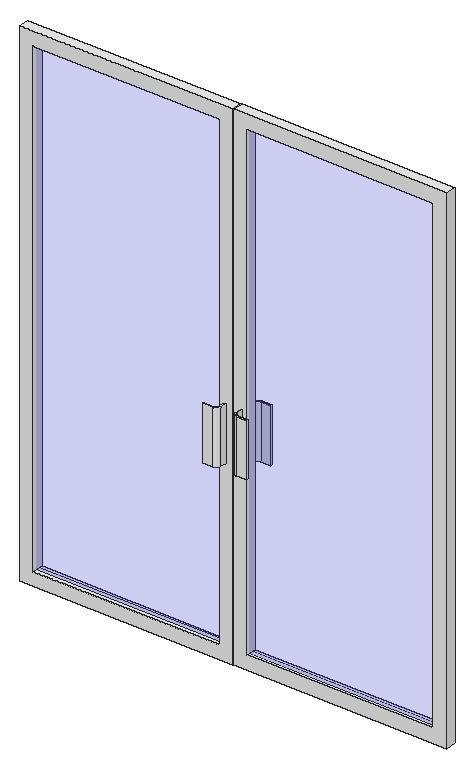
Revit family
Parameters (values of type "Store Front Double Door")
  Offset = 55 mm
  Material = Metal - Aluminum
  Glazing Material = Glass
  Assembly Code = ""
Reference planes
  plane 1 "Center (Front/Back": y = 0
  plane 2: z = 0
  plane 3 "Center (Left/Right)": x = 82.523
  plane 4 "Left": x = -831.877
  plane 5 "Right": x = 996.923
  plane 6 "Top": z = 2133.6
  plane 7: y = 10.55
  plane 8: y = 55
  plane 9: z = 990.6
  plane 10: z = 762
Forms (mm)
  Extrusion 1, solid, material "Metal - Aluminum" <- "Material"
    sketch origin (0, 0, 0) x (1, 0, 0) y (0, 0, 1)
      loop
        line (996.923, 2133.6) -> (83.317, 2133.6) -> (83.317, 0) -> (996.923, 0) -> (996.923, 2133.6)
      loop
        line (-831.877, 2133.6) -> (-831.877, 0) -> (81.729, 0) -> (81.729, 2133.6) -> (-831.877, 2133.6)
      loop
        line (939.773, 2076.45) -> (140.467, 2076.45) -> (140.467, 57.15) -> (939.773, 57.15) -> (939.773, 2076.45)
      loop
        line (24.579, 2076.45) -> (-774.727, 2076.45) -> (-774.727, 57.15) -> (24.579, 57.15) -> (24.579, 2076.45)
    from -55 to -10.55
  Extrusion 2, solid, material "Glass" <- "Glazing Material"
    sketch origin (0, 0, 0) x (1, 0, 0) y (0, 0, 1)
      loop
        line (939.773, 2076.45) -> (140.467, 2076.45) -> (140.467, 57.15) -> (939.773, 57.15) -> (939.773, 2076.45)
      loop
        line (24.579, 2076.45) -> (-774.727, 2076.45) -> (-774.727, 57.15) -> (24.579, 57.15) -> (24.579, 2076.45)
    from -42.3 to -23.25
  Extrusion 3, solid, material "Metal - Aluminum" <- "Material"
    sketch origin (0, 0, 0) x (1, 0, 0) y (0, 1, 0)
      loop
        line (50.773, 55) -> (50.773, 80.4)
        arc (50.773, 80.4) -> (45.193, 93.87) -> (31.723, 99.45) r 19.05
        line (31.723, 99.45) -> (-12.727, 99.45) -> (-12.727, 93.1) -> (31.723, 93.1)
        arc (31.723, 93.1) -> (40.703, 89.38) -> (44.423, 80.4) r 12.7
        line (44.423, 80.4) -> (44.423, 55) -> (50.773, 55)
      loop
        line (114.273, 55) -> (120.623, 55) -> (120.623, 80.4)
        arc (120.623, 80.4) -> (124.343, 89.38) -> (133.323, 93.1) r 12.7
        line (133.323, 93.1) -> (177.773, 93.1) -> (177.773, 99.45) -> (133.323, 99.45)
        arc (133.323, 99.45) -> (119.853, 93.87) -> (114.273, 80.4) r 19.05
        line (114.273, 80.4) -> (114.273, 55)
    from 762 to 990.6
  Extrusion 4, solid, material "Metal - Aluminum"
    sketch origin (0, 0, 0) x (1, 0, 0) y (0, 1, 0)
      loop
        line (50.773, 10.55) -> (44.423, 10.55) -> (44.423, -14.85)
        arc (44.423, -14.85) -> (40.703, -23.83) -> (31.723, -27.55) r 12.7
        line (31.723, -27.55) -> (-12.727, -27.55) -> (-12.727, -33.9) -> (31.723, -33.9)
        arc (31.723, -33.9) -> (45.193, -28.32) -> (50.773, -14.85) r 19.05
        line (50.773, -14.85) -> (50.773, 10.55)
      loop
        line (114.273, 10.55) -> (114.273, -14.85)
        arc (114.273, -14.85) -> (119.853, -28.32) -> (133.323, -33.9) r 19.05
        line (133.323, -33.9) -> (177.773, -33.9) -> (177.773, -27.55) -> (133.323, -27.55)
        arc (133.323, -27.55) -> (124.343, -23.83) -> (120.623, -14.85) r 12.7
        line (120.623, -14.85) -> (120.623, 10.55) -> (114.273, 10.55)
    from 762 to 990.6
Lines and regions (mm)
  symbolic lines, style "DoorsPanelProjection"
    curve 1: line (-831.877, 10.55, 0) -> (-831.877, 921.775, 0)
    curve 2: line (996.923, 10.55, 0) -> (996.923, 928.125, 0)
  symbolic lines, style "Plan Swing"
    curve 3: arc (79.348, 10.55, 0) -> (348.1, 659.374, 0) -> (996.923, 928.125, 0) r 917.575
    curve 4: arc (79.348, 10.55, 0) -> (-187.544, 654.883, 0) -> (-831.877, 921.775, 0) r 911.225
  symbolic lines, style "Elevation Swing"
    curve 5: line (83.317, 0, 2133.6) -> (996.923, 0, 1066.8)
    curve 6: line (996.923, 0, 1066.8) -> (83.317, 0, 0)
    curve 7: line (83.317, 0, 0) -> (-831.877, 0, 1066.8)
    curve 8: line (-831.877, 0, 1066.8) -> (83.317, 0, 2133.6)
Text (mm)
  text "Exterior" at (-1422.424, 797.241, 0), in view "Base Line"
Dimensions and locks
  equal spacing: plane 4 "Left", plane 3 "Center (Left/Right)", plane 5 "Right"
  locked: Extrusion 1 sketch curve to plane 5 "Right" at 57.15
  locked: plane 2 to Extrusion 1 sketch curve at 57.15  (x2)
  locked: Extrusion 1 sketch curve to plane 6 "Top" at 57.15  (x2)
  locked: plane 4 "Left" to Extrusion 1 sketch curve at 57.15
  locked: Extrusion 1 sketch curve to Extrusion 1 sketch curve at 57.15  (x2)
  locked: plane 2 to plane 9 at 990.6
  locked: plane 10 to plane 9 at 228.6
  Extrusion 1 sketch curve to plane 3 "Center (Left/Right)" to Extrusion 1 sketch curve = 0.794 mm locked, 0.794 mm locked
  "Offset": plane 1 "Center (Front/Back" to plane 8
  locked: plane 7 to plane 8 at 44.45
  locked: Extrusion 2 to plane 8 at 12.7
  locked: plane 7 to Extrusion 2 at 12.7
  equal spacing: plane 2, curve 8, plane 6 "Top"
  equal spacing: plane 2, curve 6, plane 6 "Top"
  aligned and locked: Extrusion 1 to plane 8
  aligned and locked: plane 7 to Extrusion 1
  aligned and locked: plane 8 to Extrusion 3 sketch curve
  aligned and locked: Extrusion 3 sketch curve to plane 8
  aligned and locked: plane 7 to Extrusion 4 sketch curve
  aligned and locked: Extrusion 4 sketch curve to plane 7
  aligned and locked: Extrusion 3 to plane 9
  aligned and locked: plane 10 to Extrusion 3
  aligned and locked: Extrusion 4 to plane 9
  aligned and locked: plane 10 to Extrusion 4
Automatic sketch dimensions
  curve 1 to plane 4 "Left" = 0 mm
  curve 3 to plane 7 = 0 mm
  curve 2 to plane 5 "Right" = 0 mm
  curve 1 to plane 7 = 0 mm
  curve 2 to plane 7 = 0 mm
  curve 3 to plane 3 "Center (Left/Right)" = 3.175 mm
  curve 4 to curve 3 = 0 mm
  Extrusion 1 sketch curve to level = 0 mm  (x2)
  Extrusion 1 sketch curve to plane 4 "Left" = 0 mm
  Extrusion 1 sketch curve to plane 5 "Right" = 0 mm
  Extrusion 1 sketch curve to plane 6 "Top" = 0 mm  (x2)
  Extrusion 2 sketch curve to plane 4 "Left" = 57.15 mm
  Extrusion 2 sketch curve to plane 3 "Center (Left/Right)" = 57.944 mm
  plane 3 "Center (Left/Right)" to Extrusion 2 sketch curve = 57.944 mm
  plane 5 "Right" to Extrusion 2 sketch curve = 57.15 mm
  level to Extrusion 2 sketch curve = 57.15 mm  (x2)
  plane 6 "Top" to Extrusion 2 sketch curve = 57.15 mm  (x2)
  Extrusion 3 sketch curve to plane 8 = 38.1 mm
  Extrusion 3 sketch curve to plane 3 "Center (Left/Right)" = 95.25 mm
  Extrusion 3 sketch curve to Extrusion 3 sketch curve = 44.45 mm  (x2)
  Extrusion 3 sketch curve to Extrusion 3 sketch curve = 0 mm  (x4)
  Extrusion 3 sketch curve to Extrusion 3 sketch curve = 12.7 mm
  Extrusion 3 sketch curve to Extrusion 3 sketch curve = 6.35 mm  (x2)
  plane 3 "Center (Left/Right)" to Extrusion 3 sketch curve = 31.75 mm
  Extrusion 3 sketch curve to Extrusion 3 sketch curve = 19.05 mm
  Extrusion 3 sketch curve to Extrusion 3 sketch curve = 25.4 mm
  plane 7 to Extrusion 4 sketch curve = 38.1 mm
  Extrusion 4 sketch curve to plane 3 "Center (Left/Right)" = 95.25 mm
  Extrusion 4 sketch curve to Extrusion 4 sketch curve = 44.45 mm  (x2)
  Extrusion 4 sketch curve to Extrusion 4 sketch curve = 0 mm  (x2)
  Extrusion 4 sketch curve to Extrusion 4 sketch curve = 12.7 mm  (x2)
  Extrusion 4 sketch curve to Extrusion 4 sketch curve = 6.35 mm  (x4)
  plane 3 "Center (Left/Right)" to Extrusion 4 sketch curve = 31.75 mm
  plane 7 to Extrusion 4 sketch curve = 44.45 mm
  curve 5 to plane 6 "Top" = 0 mm
  curve 7 to plane 4 "Left" = 0 mm
  curve 6 to plane 5 "Right" = 0 mm
  curve 7 to level = 0 mm
  plane 3 "Center (Left/Right)" to curve 6 = 0.794 mm
  plane 3 "Center (Left/Right)" to curve 8 = 0.794 mm
